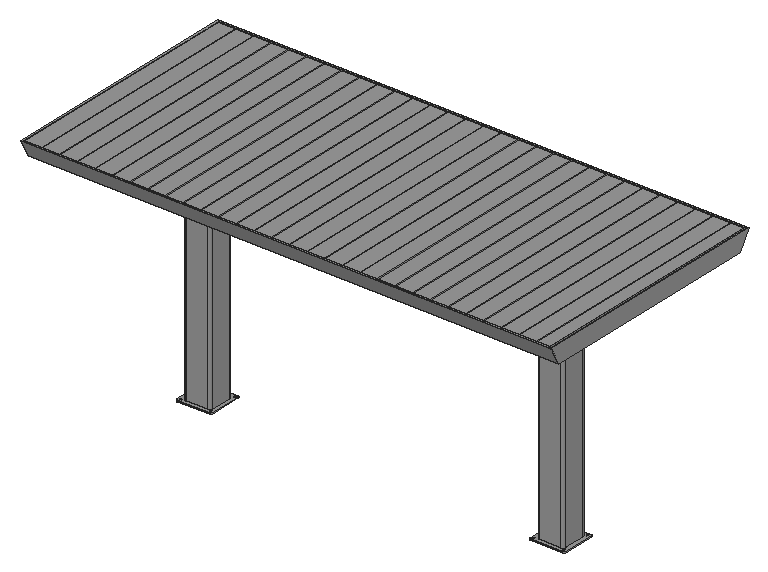
Revit family "Комплект садовой мебели «Поло» Арт 18869", category Антураж, Revit 2018
Family settings
  На основе рабочей плоскости = Нет
  Всегда вертикально = Да
  При загрузке вырезать с полостями = Нет
  Источник визуального образа = Геометрия семейства
  Общий = Нет
  Точка расчета площади = Нет
Parameters (values of type "Комплект садовой мебели «Поло». Стол")
  Ширина = if(Стол, 700 mm, 450 mm)  # 700 mm
  Стол = yes
  Описание = if(Стол, "Комплект садовой мебели «Поло». Стол", "Комплект садовой мебели «Поло». Лавка")  # "Комплект садовой мебели «Поло». Стол"
  Материал изделия = "Сталь, дерево"  # constant formula
  Лавка = not(Стол)  # no
  Изображение типоразмера = Комплект садовой мебели «Поло» Арт 18869.jpg
  Изготовитель = "ООО «Хоббика»."  # constant formula
  Длина = if(Стол, 1500 mm, 1200 mm)  # 1500 mm
  Группа модели = "Комплекты садовой мебели"  # constant formula
  Высота = if(Стол, 720 mm, 440 mm)  # 720 mm
  Артикул товара = "Арт. 18869"  # constant formula
  URL = "https://hobbyka.ru/product/komplekt_sadovoy_mebeli_polo/"
Types (3, lengths in mm): name | Ширина | Стол | Описание | Лавка | Длина | Высота
  (no name) | 700 | yes | "Комплект садовой мебели «Поло». Стол" | no | 1500 | 720
  Комплект садовой мебели «Поло». Стол | 700 | yes | "Комплект садовой мебели «Поло». Стол" | no | 1500 | 720
  Комплект садовой мебели «Поло». Лавка | 450 | no | "Комплект садовой мебели «Поло». Лавка" | yes | 1200 | 440
Reference planes
  plane 1 "По центру (Вперед/Назад)": y = 0
  plane 2: z = 0
  plane 3 "По центру (Влево/Вправо)": x = 0
  plane 4: y = 700
  plane 5: x = 1500
Dimensions and locks
  "Длина": plane 3 "По центру (Влево/Вправо)" to plane 5
  "Ширина": plane 4 to plane 1 "По центру (Вперед/Назад)"
  aligned and locked: level to plane 2
Nested families
  nested 1: "Комплект садовой мебели «Поло» Арт 18869 лавка" at (0, 0, 0), visible <- "Лавка", type "Комплект садовой мебели «Поло» Арт 18869 лавка"
  nested 2: "Комплект садовой мебели «Поло» Арт 18869 стол" at (0, 0, 0), visible <- "Стол", type "Комплект садовой мебели «Поло» Арт 18869 стол"
Definition of nested family "Комплект садовой мебели «Поло» Арт 18869 лавка"
  Parameters (values of type "Комплект садовой мебели «Поло» Арт 18869 лавка")
    Цвкт каркаса = none
    Цвет отделки = none
    Height = 0 mm
  Reference planes
    plane 1 "По центру (Вперед/Назад)": y = 0
    plane 2: z = 0
    plane 3 "По центру (Влево/Вправо)": x = 0
    plane 4: y = 450
    plane 5: x = 1200
    plane 6: z = 440
  Forms (mm)
    Extrusion 1, solid, material <- "Цвкт каркаса"
      sketch origin (0, 0, -280) x (0, 1, 0) y (0, 0, 1)
        loop
          line (444.169, 720) -> (0, 720) -> (30, 670) -> (414.169, 670) -> (444.169, 720)
      from 0 to 5
    Extrusion 2, solid, material <- "Цвкт каркаса"
      sketch origin (0, 0, -280) x (0, 1, 0) y (0, 0, 1)
        loop
          line (449.269, 720) -> (0, 720) -> (30, 670) -> (419.269, 670) -> (449.269, 720)
      from 1195 to 1200
    Extrusion 3, solid, material <- "Цвкт каркаса"
      sketch origin (0, 0, -280) x (0, 1, 0) y (0, 0, 1)
        loop
          line (420, 670) -> (450, 720) -> (444.169, 720) -> (414.169, 670) -> (420, 670)
        loop
          line (0, 720) -> (30, 670) -> (35.831, 670) -> (5.831, 720) -> (0, 720)
      from 0 to 1195
    Extrusion 4, solid, material <- "Цвкт каркаса"
      sketch origin (0, -125, 0) x (1, 0, 0) y (0, 1, 0)
        loop
          arc (220, 385.5) -> (216.111, 383.889) -> (214.5, 380) r 5.5
          line (214.5, 380) -> (214.5, 320)
          arc (214.5, 320) -> (216.111, 316.111) -> (220, 314.5) r 5.5
          line (220, 314.5) -> (280, 314.5)
          arc (280, 314.5) -> (283.889, 316.111) -> (285.5, 320) r 5.5
          line (285.5, 320) -> (285.5, 380)
          arc (285.5, 380) -> (283.889, 383.889) -> (280, 385.5) r 5.5
          line (280, 385.5) -> (220, 385.5)
        loop
          arc (220, 387.5) -> (214.697, 385.303) -> (212.5, 380) r 7.5
          line (212.5, 380) -> (212.5, 320)
          arc (212.5, 320) -> (214.697, 314.697) -> (220, 312.5) r 7.5
          line (220, 312.5) -> (280, 312.5)
          arc (280, 312.5) -> (285.303, 314.697) -> (287.5, 320) r 7.5
          line (287.5, 320) -> (287.5, 380)
          arc (287.5, 380) -> (285.303, 385.303) -> (280, 387.5) r 7.5
          line (280, 387.5) -> (220, 387.5)
      from 0 to 400
    Extrusion 5, solid, material <- "Цвкт каркаса"
      sketch origin (-300, -125, 0) x (1, 0, 0) y (0, 1, 0)
        loop
          arc (505, 400) -> (501.464, 398.536) -> (500, 395) r 5
          line (500, 395) -> (500, 305)
          arc (500, 305) -> (501.464, 301.464) -> (505, 300) r 5
          line (505, 300) -> (595, 300)
          arc (595, 300) -> (598.536, 301.464) -> (600, 305) r 5
          line (600, 305) -> (600, 395)
          arc (600, 395) -> (598.536, 398.536) -> (595, 400) r 5
          line (595, 400) -> (505, 400)
        loop
          circle (507.5, 392.5) r 2.5
        loop
          circle (592.5, 392.5) r 2.5
        loop
          circle (592.5, 307.5) r 2.5
        loop
          circle (507.5, 307.5) r 2.5
      from 0 to 2
    Extrusion 6, solid, material <- "Цвкт каркаса"
      sketch origin (1200, -125, 0) x (-1, 0, 0) y (0, -1, 0)
        loop
          line (220, -385.5) -> (280, -385.5)
          arc (280, -385.5) -> (283.889, -383.889) -> (285.5, -380) r 5.5
          line (285.5, -380) -> (285.5, -320)
          arc (285.5, -320) -> (283.889, -316.111) -> (280, -314.5) r 5.5
          line (280, -314.5) -> (220, -314.5)
          arc (220, -314.5) -> (216.111, -316.111) -> (214.5, -320) r 5.5
          line (214.5, -320) -> (214.5, -380)
          arc (214.5, -380) -> (216.111, -383.889) -> (220, -385.5) r 5.5
        loop
          line (220, -387.5) -> (280, -387.5)
          arc (280, -387.5) -> (285.303, -385.303) -> (287.5, -380) r 7.5
          line (287.5, -380) -> (287.5, -320)
          arc (287.5, -320) -> (285.303, -314.697) -> (280, -312.5) r 7.5
          line (280, -312.5) -> (220, -312.5)
          arc (220, -312.5) -> (214.697, -314.697) -> (212.5, -320) r 7.5
          line (212.5, -320) -> (212.5, -380)
          arc (212.5, -380) -> (214.697, -385.303) -> (220, -387.5) r 7.5
      from 0 to 400
    Extrusion 7, solid, material <- "Цвкт каркаса"
      sketch origin (1200, -125, 0) x (-1, 0, 0) y (0, -1, 0)
        loop
          line (205, -400) -> (295, -400)
          arc (295, -400) -> (298.536, -398.536) -> (300, -395) r 5
          line (300, -395) -> (300, -305)
          arc (300, -305) -> (298.536, -301.464) -> (295, -300) r 5
          line (295, -300) -> (205, -300)
          arc (205, -300) -> (201.464, -301.464) -> (200, -305) r 5
          line (200, -305) -> (200, -395)
          arc (200, -395) -> (201.464, -398.536) -> (205, -400) r 5
        loop
          circle (207.5, -392.5) r 2.5
        loop
          circle (292.5, -392.5) r 2.5
        loop
          circle (292.5, -307.5) r 2.5
        loop
          circle (207.5, -307.5) r 2.5
      from 0 to 2
    Extrusion 8, solid, material <- "Цвет отделки"
      sketch origin (0, 0, -280) x (0, 1, 0) y (0, 0, 1)
        loop
          line (5.831, 720) -> (29.831, 680) -> (420.169, 680) -> (444.169, 720) -> (5.831, 720)
      from 5 to 55
    Extrusion 9, solid, material <- "Цвет отделки"
      sketch origin (0, 0, -280) x (0, 1, 0) y (0, 0, 1)
        loop
          line (5.831, 720) -> (29.831, 680) -> (420.169, 680) -> (444.169, 720) -> (5.831, 720)
      from 55 to 105
    Extrusion 10, solid, material <- "Цвет отделки", not visible
      sketch origin (0, 0, 0) x (0, 1, 0) y (0, 0, 1)
        loop
          line (5.831, 720) -> (29.831, 680) -> (670.169, 680) -> (694.169, 720) -> (5.831, 720)
      from 55 to 105
    Extrusion 11, solid, material <- "Цвет отделки"
      sketch origin (0, 0, -280) x (0, 1, 0) y (0, 0, 1)
        loop
          line (5.831, 720) -> (29.831, 680) -> (420.169, 680) -> (444.169, 720) -> (5.831, 720)
      from 105 to 155
    Extrusion 12, solid, material <- "Цвет отделки"
      sketch origin (0, 0, -280) x (0, 1, 0) y (0, 0, 1)
        loop
          line (5.831, 720) -> (29.831, 680) -> (420.169, 680) -> (444.169, 720) -> (5.831, 720)
      from 155 to 205
    Extrusion 13, solid, material <- "Цвет отделки"
      sketch origin (0, 0, -280) x (0, 1, 0) y (0, 0, 1)
        loop
          line (5.831, 720) -> (29.831, 680) -> (420.169, 680) -> (444.169, 720) -> (5.831, 720)
      from 305 to 355
    Extrusion 14, solid, material <- "Цвет отделки"
      sketch origin (0, 0, -280) x (0, 1, 0) y (0, 0, 1)
        loop
          line (5.831, 720) -> (29.831, 680) -> (420.169, 680) -> (444.169, 720) -> (5.831, 720)
      from 255 to 305
    Extrusion 15, solid, material <- "Цвет отделки"
      sketch origin (0, 0, -280) x (0, 1, 0) y (0, 0, 1)
        loop
          line (5.831, 720) -> (29.831, 680) -> (420.169, 680) -> (444.169, 720) -> (5.831, 720)
      from 205 to 255
    Extrusion 16, solid, material <- "Цвет отделки"
      sketch origin (0, 0, -280) x (0, 1, 0) y (0, 0, 1)
        loop
          line (5.831, 720) -> (29.831, 680) -> (420.169, 680) -> (444.169, 720) -> (5.831, 720)
      from 355 to 405
    Extrusion 17, solid, material <- "Цвет отделки"
      sketch origin (0, 0, -280) x (0, 1, 0) y (0, 0, 1)
        loop
          line (5.831, 720) -> (29.831, 680) -> (420.169, 680) -> (444.169, 720) -> (5.831, 720)
      from 455 to 505
    Extrusion 18, solid, material <- "Цвет отделки"
      sketch origin (0, 0, -280) x (0, 1, 0) y (0, 0, 1)
        loop
          line (5.831, 720) -> (29.831, 680) -> (420.169, 680) -> (444.169, 720) -> (5.831, 720)
      from 405 to 455
    Extrusion 19, solid, material <- "Цвет отделки"
      sketch origin (0, 0, -280) x (0, 1, 0) y (0, 0, 1)
        loop
          line (5.831, 720) -> (29.831, 680) -> (420.169, 680) -> (444.169, 720) -> (5.831, 720)
      from 505 to 555
    Extrusion 20, solid, material <- "Цвет отделки"
      sketch origin (0, 0, -280) x (0, 1, 0) y (0, 0, 1)
        loop
          line (5.831, 720) -> (29.831, 680) -> (420.169, 680) -> (444.169, 720) -> (5.831, 720)
      from 555 to 605
    Extrusion 21, solid, material <- "Цвет отделки"
      sketch origin (0, 0, -280) x (0, 1, 0) y (0, 0, 1)
        loop
          line (5.831, 720) -> (29.831, 680) -> (420.169, 680) -> (444.169, 720) -> (5.831, 720)
      from 605 to 655
    Extrusion 22, solid, material <- "Цвет отделки"
      sketch origin (0, 0, -280) x (0, 1, 0) y (0, 0, 1)
        loop
          line (5.831, 720) -> (29.831, 680) -> (420.169, 680) -> (444.169, 720) -> (5.831, 720)
      from 655 to 705
    Extrusion 23, solid, material <- "Цвет отделки"
      sketch origin (0, 0, -280) x (0, 1, 0) y (0, 0, 1)
        loop
          line (5.831, 720) -> (29.831, 680) -> (420.169, 680) -> (444.169, 720) -> (5.831, 720)
      from 705 to 755
    Extrusion 24, solid, material <- "Цвет отделки"
      sketch origin (0, 0, -280) x (0, 1, 0) y (0, 0, 1)
        loop
          line (5.831, 720) -> (29.831, 680) -> (420.169, 680) -> (444.169, 720) -> (5.831, 720)
      from 755 to 805
    Extrusion 25, solid, material <- "Цвет отделки"
      sketch origin (0, 0, -280) x (0, 1, 0) y (0, 0, 1)
        loop
          line (5.831, 720) -> (29.831, 680) -> (420.169, 680) -> (444.169, 720) -> (5.831, 720)
      from 805 to 855
    Extrusion 26, solid, material <- "Цвет отделки"
      sketch origin (0, 0, -280) x (0, 1, 0) y (0, 0, 1)
        loop
          line (5.831, 720) -> (29.831, 680) -> (420.169, 680) -> (444.169, 720) -> (5.831, 720)
      from 855 to 905
    Extrusion 27, solid, material <- "Цвет отделки"
      sketch origin (0, 0, -280) x (0, 1, 0) y (0, 0, 1)
        loop
          line (5.831, 720) -> (29.831, 680) -> (420.169, 680) -> (444.169, 720) -> (5.831, 720)
      from 905 to 955
    Extrusion 28, solid, material <- "Цвет отделки"
      sketch origin (0, 0, -280) x (0, 1, 0) y (0, 0, 1)
        loop
          line (5.831, 720) -> (29.831, 680) -> (420.169, 680) -> (444.169, 720) -> (5.831, 720)
      from 955 to 1005
    Extrusion 29, solid, material <- "Цвет отделки"
      sketch origin (0, 0, -280) x (0, 1, 0) y (0, 0, 1)
        loop
          line (5.831, 720) -> (29.831, 680) -> (420.169, 680) -> (444.169, 720) -> (5.831, 720)
      from 1005 to 1055
    Extrusion 30, solid, material <- "Цвет отделки"
      sketch origin (0, 0, -280) x (0, 1, 0) y (0, 0, 1)
        loop
          line (5.831, 720) -> (29.831, 680) -> (420.169, 680) -> (444.169, 720) -> (5.831, 720)
      from 1055 to 1105
    Extrusion 31, solid, material <- "Цвет отделки"
      sketch origin (0, 0, -280) x (0, 1, 0) y (0, 0, 1)
        loop
          line (5.831, 720) -> (29.831, 680) -> (420.169, 680) -> (444.169, 720) -> (5.831, 720)
      from 1105 to 1155
    Extrusion 32, solid, material <- "Цвет отделки"
      sketch origin (0, 0, -280) x (0, 1, 0) y (0, 0, 1)
        loop
          line (5.831, 720) -> (29.831, 680) -> (420.169, 680) -> (444.169, 720) -> (5.831, 720)
      from 1155 to 1195
  Cuts and joins
    joined: Extrusion 5, Extrusion 7
  Dimensions and locks
    plane 6 to level = 440 mm
    cut or joined group of Extrusion 5, Extrusion 7 to plane 3 "По центру (Влево/Вправо)" = 200 mm
    plane 3 "По центру (Влево/Вправо)" to plane 5 = 1200 mm
    plane 4 to plane 1 "По центру (Вперед/Назад)" = 450 mm
    aligned and locked: level to plane 2
Definition of nested family "Комплект садовой мебели «Поло» Арт 18869 стол"
  Parameters (values of type "Комплект садовой мебели «Поло» Арт 18869 стол")
    Цвкт каркаса = none
    Цвет отделки = none
    Height = 0 mm
  Reference planes
    plane 1 "По центру (Вперед/Назад)": y = 0
    plane 2: z = 0
    plane 3 "По центру (Влево/Вправо)": x = 0
    plane 4: y = 700
    plane 5: x = 1500
    plane 6: z = 720
  Forms (mm)
    Extrusion 1, solid, material <- "Цвкт каркаса"
      sketch origin (0, 0, 0) x (0, 1, 0) y (0, 0, 1)
        loop
          line (700, 720) -> (0, 720) -> (30, 670) -> (670, 670) -> (700, 720)
      from 0 to 5
    Extrusion 2, solid, material <- "Цвкт каркаса"
      sketch origin (0, 0, 0) x (0, 1, 0) y (0, 0, 1)
        loop
          line (700, 720) -> (0, 720) -> (30, 670) -> (670, 670) -> (700, 720)
      from 1495 to 1500
    Extrusion 3, solid, material <- "Цвкт каркаса"
      sketch origin (0, 0, 0) x (0, 1, 0) y (0, 0, 1)
        loop
          line (670, 670) -> (700, 720) -> (694.169, 720) -> (664.169, 670) -> (670, 670)
        loop
          line (0, 720) -> (30, 670) -> (35.831, 670) -> (5.831, 720) -> (0, 720)
      from 0 to 1500
    Extrusion 4, solid, material <- "Цвкт каркаса"
      sketch origin (0, 0, 0) x (1, 0, 0) y (0, 1, 0)
        loop
          arc (220, 385.5) -> (216.111, 383.889) -> (214.5, 380) r 5.5
          line (214.5, 380) -> (214.5, 320)
          arc (214.5, 320) -> (216.111, 316.111) -> (220, 314.5) r 5.5
          line (220, 314.5) -> (280, 314.5)
          arc (280, 314.5) -> (283.889, 316.111) -> (285.5, 320) r 5.5
          line (285.5, 320) -> (285.5, 380)
          arc (285.5, 380) -> (283.889, 383.889) -> (280, 385.5) r 5.5
          line (280, 385.5) -> (220, 385.5)
        loop
          arc (220, 387.5) -> (214.697, 385.303) -> (212.5, 380) r 7.5
          line (212.5, 380) -> (212.5, 320)
          arc (212.5, 320) -> (214.697, 314.697) -> (220, 312.5) r 7.5
          line (220, 312.5) -> (280, 312.5)
          arc (280, 312.5) -> (285.303, 314.697) -> (287.5, 320) r 7.5
          line (287.5, 320) -> (287.5, 380)
          arc (287.5, 380) -> (285.303, 385.303) -> (280, 387.5) r 7.5
          line (280, 387.5) -> (220, 387.5)
      from 0 to 670
    Extrusion 5, solid, material <- "Цвкт каркаса"
      sketch origin (0, 0, 0) x (1, 0, 0) y (0, 1, 0)
        loop
          arc (205, 400) -> (201.464, 398.536) -> (200, 395) r 5
          line (200, 395) -> (200, 305)
          arc (200, 305) -> (201.464, 301.464) -> (205, 300) r 5
          line (205, 300) -> (295, 300)
          arc (295, 300) -> (298.536, 301.464) -> (300, 305) r 5
          line (300, 305) -> (300, 395)
          arc (300, 395) -> (298.536, 398.536) -> (295, 400) r 5
          line (295, 400) -> (205, 400)
        loop
          circle (207.5, 392.5) r 2.5
        loop
          circle (292.5, 392.5) r 2.5
        loop
          circle (292.5, 307.5) r 2.5
        loop
          circle (207.5, 307.5) r 2.5
      from 0 to 2
    Extrusion 6, solid, material <- "Цвкт каркаса"
      sketch origin (1500, 0, 0) x (-1, 0, 0) y (0, -1, 0)
        loop
          line (220, -385.5) -> (280, -385.5)
          arc (280, -385.5) -> (283.889, -383.889) -> (285.5, -380) r 5.5
          line (285.5, -380) -> (285.5, -320)
          arc (285.5, -320) -> (283.889, -316.111) -> (280, -314.5) r 5.5
          line (280, -314.5) -> (220, -314.5)
          arc (220, -314.5) -> (216.111, -316.111) -> (214.5, -320) r 5.5
          line (214.5, -320) -> (214.5, -380)
          arc (214.5, -380) -> (216.111, -383.889) -> (220, -385.5) r 5.5
        loop
          line (220, -387.5) -> (280, -387.5)
          arc (280, -387.5) -> (285.303, -385.303) -> (287.5, -380) r 7.5
          line (287.5, -380) -> (287.5, -320)
          arc (287.5, -320) -> (285.303, -314.697) -> (280, -312.5) r 7.5
          line (280, -312.5) -> (220, -312.5)
          arc (220, -312.5) -> (214.697, -314.697) -> (212.5, -320) r 7.5
          line (212.5, -320) -> (212.5, -380)
          arc (212.5, -380) -> (214.697, -385.303) -> (220, -387.5) r 7.5
      from 0 to 670
    Extrusion 7, solid, material <- "Цвкт каркаса"
      sketch origin (1500, 0, 0) x (-1, 0, 0) y (0, -1, 0)
        loop
          line (205, -400) -> (295, -400)
          arc (295, -400) -> (298.536, -398.536) -> (300, -395) r 5
          line (300, -395) -> (300, -305)
          arc (300, -305) -> (298.536, -301.464) -> (295, -300) r 5
          line (295, -300) -> (205, -300)
          arc (205, -300) -> (201.464, -301.464) -> (200, -305) r 5
          line (200, -305) -> (200, -395)
          arc (200, -395) -> (201.464, -398.536) -> (205, -400) r 5
        loop
          circle (207.5, -392.5) r 2.5
        loop
          circle (292.5, -392.5) r 2.5
        loop
          circle (292.5, -307.5) r 2.5
        loop
          circle (207.5, -307.5) r 2.5
      from 0 to 2
    Extrusion 8, solid, material <- "Цвет отделки"
      sketch origin (0, 0, 0) x (0, 1, 0) y (0, 0, 1)
        loop
          line (5.831, 720) -> (29.831, 680) -> (670.169, 680) -> (694.169, 720) -> (5.831, 720)
      from 5 to 55
    Extrusion 9, solid, material <- "Цвет отделки"
      sketch origin (0, 0, 0) x (0, 1, 0) y (0, 0, 1)
        loop
          line (5.831, 720) -> (29.831, 680) -> (670.169, 680) -> (694.169, 720) -> (5.831, 720)
      from 55 to 105
    Extrusion 10, solid, material <- "Цвет отделки", not visible
      sketch origin (0, 0, 0) x (0, 1, 0) y (0, 0, 1)
        loop
          line (5.831, 720) -> (29.831, 680) -> (670.169, 680) -> (694.169, 720) -> (5.831, 720)
      from 55 to 105
    Extrusion 11, solid, material <- "Цвет отделки"
      sketch origin (0, 0, 0) x (0, 1, 0) y (0, 0, 1)
        loop
          line (5.831, 720) -> (29.831, 680) -> (670.169, 680) -> (694.169, 720) -> (5.831, 720)
      from 105 to 155
    Extrusion 12, solid, material <- "Цвет отделки"
      sketch origin (0, 0, 0) x (0, 1, 0) y (0, 0, 1)
        loop
          line (5.831, 720) -> (29.831, 680) -> (670.169, 680) -> (694.169, 720) -> (5.831, 720)
      from 155 to 205
    Extrusion 13, solid, material <- "Цвет отделки"
      sketch origin (0, 0, 0) x (0, 1, 0) y (0, 0, 1)
        loop
          line (5.831, 720) -> (29.831, 680) -> (670.169, 680) -> (694.169, 720) -> (5.831, 720)
      from 305 to 355
    Extrusion 14, solid, material <- "Цвет отделки"
      sketch origin (0, 0, 0) x (0, 1, 0) y (0, 0, 1)
        loop
          line (5.831, 720) -> (29.831, 680) -> (670.169, 680) -> (694.169, 720) -> (5.831, 720)
      from 255 to 305
    Extrusion 15, solid, material <- "Цвет отделки"
      sketch origin (0, 0, 0) x (0, 1, 0) y (0, 0, 1)
        loop
          line (5.831, 720) -> (29.831, 680) -> (670.169, 680) -> (694.169, 720) -> (5.831, 720)
      from 205 to 255
    Extrusion 16, solid, material <- "Цвет отделки"
      sketch origin (0, 0, 0) x (0, 1, 0) y (0, 0, 1)
        loop
          line (5.831, 720) -> (29.831, 680) -> (670.169, 680) -> (694.169, 720) -> (5.831, 720)
      from 355 to 405
    Extrusion 17, solid, material <- "Цвет отделки"
      sketch origin (0, 0, 0) x (0, 1, 0) y (0, 0, 1)
        loop
          line (5.831, 720) -> (29.831, 680) -> (670.169, 680) -> (694.169, 720) -> (5.831, 720)
      from 455 to 505
    Extrusion 18, solid, material <- "Цвет отделки"
      sketch origin (0, 0, 0) x (0, 1, 0) y (0, 0, 1)
        loop
          line (5.831, 720) -> (29.831, 680) -> (670.169, 680) -> (694.169, 720) -> (5.831, 720)
      from 405 to 455
    Extrusion 19, solid, material <- "Цвет отделки"
      sketch origin (0, 0, 0) x (0, 1, 0) y (0, 0, 1)
        loop
          line (5.831, 720) -> (29.831, 680) -> (670.169, 680) -> (694.169, 720) -> (5.831, 720)
      from 505 to 555
    Extrusion 20, solid, material <- "Цвет отделки"
      sketch origin (0, 0, 0) x (0, 1, 0) y (0, 0, 1)
        loop
          line (5.831, 720) -> (29.831, 680) -> (670.169, 680) -> (694.169, 720) -> (5.831, 720)
      from 555 to 605
    Extrusion 21, solid, material <- "Цвет отделки"
      sketch origin (0, 0, 0) x (0, 1, 0) y (0, 0, 1)
        loop
          line (5.831, 720) -> (29.831, 680) -> (670.169, 680) -> (694.169, 720) -> (5.831, 720)
      from 605 to 655
    Extrusion 22, solid, material <- "Цвет отделки"
      sketch origin (0, 0, 0) x (0, 1, 0) y (0, 0, 1)
        loop
          line (5.831, 720) -> (29.831, 680) -> (670.169, 680) -> (694.169, 720) -> (5.831, 720)
      from 655 to 705
    Extrusion 23, solid, material <- "Цвет отделки"
      sketch origin (0, 0, 0) x (0, 1, 0) y (0, 0, 1)
        loop
          line (5.831, 720) -> (29.831, 680) -> (670.169, 680) -> (694.169, 720) -> (5.831, 720)
      from 705 to 755
    Extrusion 24, solid, material <- "Цвет отделки"
      sketch origin (0, 0, 0) x (0, 1, 0) y (0, 0, 1)
        loop
          line (5.831, 720) -> (29.831, 680) -> (670.169, 680) -> (694.169, 720) -> (5.831, 720)
      from 755 to 805
    Extrusion 25, solid, material <- "Цвет отделки"
      sketch origin (0, 0, 0) x (0, 1, 0) y (0, 0, 1)
        loop
          line (5.831, 720) -> (29.831, 680) -> (670.169, 680) -> (694.169, 720) -> (5.831, 720)
      from 805 to 855
    Extrusion 26, solid, material <- "Цвет отделки"
      sketch origin (0, 0, 0) x (0, 1, 0) y (0, 0, 1)
        loop
          line (5.831, 720) -> (29.831, 680) -> (670.169, 680) -> (694.169, 720) -> (5.831, 720)
      from 855 to 905
    Extrusion 27, solid, material <- "Цвет отделки"
      sketch origin (0, 0, 0) x (0, 1, 0) y (0, 0, 1)
        loop
          line (5.831, 720) -> (29.831, 680) -> (670.169, 680) -> (694.169, 720) -> (5.831, 720)
      from 905 to 955
    Extrusion 28, solid, material <- "Цвет отделки"
      sketch origin (0, 0, 0) x (0, 1, 0) y (0, 0, 1)
        loop
          line (5.831, 720) -> (29.831, 680) -> (670.169, 680) -> (694.169, 720) -> (5.831, 720)
      from 955 to 1005
    Extrusion 29, solid, material <- "Цвет отделки"
      sketch origin (0, 0, 0) x (0, 1, 0) y (0, 0, 1)
        loop
          line (5.831, 720) -> (29.831, 680) -> (670.169, 680) -> (694.169, 720) -> (5.831, 720)
      from 1005 to 1055
    Extrusion 30, solid, material <- "Цвет отделки"
      sketch origin (0, 0, 0) x (0, 1, 0) y (0, 0, 1)
        loop
          line (5.831, 720) -> (29.831, 680) -> (670.169, 680) -> (694.169, 720) -> (5.831, 720)
      from 1055 to 1105
    Extrusion 31, solid, material <- "Цвет отделки"
      sketch origin (0, 0, 0) x (0, 1, 0) y (0, 0, 1)
        loop
          line (5.831, 720) -> (29.831, 680) -> (670.169, 680) -> (694.169, 720) -> (5.831, 720)
      from 1105 to 1155
    Extrusion 32, solid, material <- "Цвет отделки"
      sketch origin (0, 0, 0) x (0, 1, 0) y (0, 0, 1)
        loop
          line (5.831, 720) -> (29.831, 680) -> (670.169, 680) -> (694.169, 720) -> (5.831, 720)
      from 1155 to 1205
    Extrusion 33, solid, material <- "Цвет отделки"
      sketch origin (0, 0, 0) x (0, 1, 0) y (0, 0, 1)
        loop
          line (5.831, 720) -> (29.831, 680) -> (670.169, 680) -> (694.169, 720) -> (5.831, 720)
      from 1205 to 1255
    Extrusion 34, solid, material <- "Цвет отделки"
      sketch origin (0, 0, 0) x (0, 1, 0) y (0, 0, 1)
        loop
          line (5.831, 720) -> (29.831, 680) -> (670.169, 680) -> (694.169, 720) -> (5.831, 720)
      from 1255 to 1305
    Extrusion 35, solid, material <- "Цвет отделки"
      sketch origin (0, 0, 0) x (0, 1, 0) y (0, 0, 1)
        loop
          line (5.831, 720) -> (29.831, 680) -> (670.169, 680) -> (694.169, 720) -> (5.831, 720)
      from 1305 to 1355
    Extrusion 36, solid, material <- "Цвет отделки"
      sketch origin (0, 0, 0) x (0, 1, 0) y (0, 0, 1)
        loop
          line (5.831, 720) -> (29.831, 680) -> (670.169, 680) -> (694.169, 720) -> (5.831, 720)
      from 1355 to 1405
    Extrusion 37, solid, material <- "Цвет отделки"
      sketch origin (0, 0, 0) x (0, 1, 0) y (0, 0, 1)
        loop
          line (5.831, 720) -> (29.831, 680) -> (670.169, 680) -> (694.169, 720) -> (5.831, 720)
      from 1405 to 1455
    Extrusion 38, solid, material <- "Цвет отделки"
      sketch origin (0, 0, 0) x (0, 1, 0) y (0, 0, 1)
        loop
          line (5.831, 720) -> (29.831, 680) -> (670.169, 680) -> (694.169, 720) -> (5.831, 720)
      from 1455 to 1495
  Cuts and joins
    joined: Extrusion 1, Extrusion 2, Extrusion 3, Extrusion 4, Extrusion 5, Extrusion 6, Extrusion 7
  Dimensions and locks
    plane 4 to plane 1 "По центру (Вперед/Назад)" = 700 mm
    plane 6 to level = 720 mm
    plane 3 "По центру (Влево/Вправо)" to plane 5 = 1500 mm
    aligned and locked: level to plane 2
